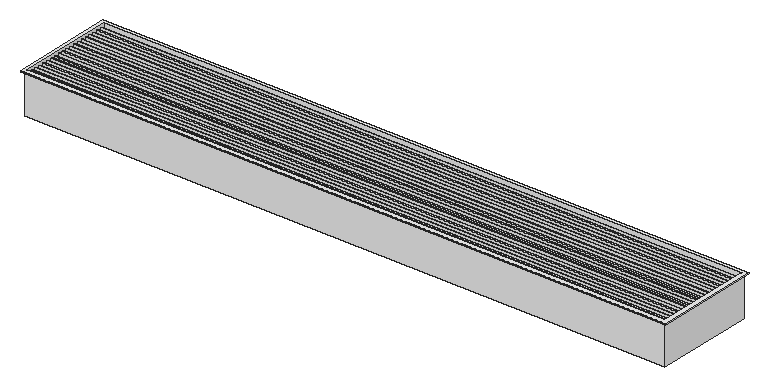
Revit family "DC_Holyoake_MEQ_LD-600SD-PMF_13", category Air Terminals, host Face, Revit 2014
Parameters (values of type "LD-600SD-PMF")
  Width LD [instance] = 150.0 mm
  URL = "http://www.holyoake.com"
  Type Comments = "Fineline Diffuser Series LD linear bar grilles"  # constant formula
  Static Pressure Min = 3.00 Pa
  Static Pressure Max = 69.00 Pa
  Noise Level NC Min = "< 10 NC"
  Noise Level NC Max = "48 NC"
  Model = "LD-600SD-PMF"  # constant formula
  Min Flow = 29 L/s
  Max Flow = 2600 L/s
  Material Face = Holyoake-Aluminium
  Material Body = Holyoake-Aluminium
  Manufacturer = "Holyoake"  # constant formula
  Length LD [instance] = 1000.0 mm
  Holyoake Product Range = "Holyoake Fineline Diffusers"  # constant formula
  Flow = 0 L/s
  Description = "Flangeless Linear Bar Diffuser with Vertical Rear Deflector Blades shall be Holyoake Model LD600SD-PMF with Horizontal Front Linear Bars of 3.25mm at 12.5mm centres set at 0 Degree deflection. \r\nRear vertical deflection blades shall be individually adjustable airfoil type. Flangeless Linear Bar Diffusers shall be of extruded aluminium construction to the sizes as documented and supplied with the Integral Plaster Mounting Frame (PMF) System. Linear Supply Air Diffusers shall be finished in powdercoat and fitted with accessories and dampers where indicated as manufactured by Holyoake"  # constant formula
  Default Elevation = 0.0 mm
  Array Number [instance] = ((Width LD - 25.4 mm) / 6.4 mm) - 0.9  # 19
Reference planes
  plane 1 "Center (Front/Back)": y = 0
  plane 2: z = 0
  plane 3 "Center (Left/Right)": x = 0
  plane 4: x = -500
  plane 5: x = 500
  plane 6: y = 75
  plane 7: y = -75
Forms (mm)
  Sweep 1, solid, material "Holyoake-Aluminium" <- "Material Body", detail levels fine
    path origin (0, 0, 0) x (1, 0, 0) y (0, 1, 0)
      loop
        line (-500, 75) -> (-500, -75) -> (500, -75) -> (500, 75) -> (-500, 75)
    profile origin (0, 75, 0) x (0, 1, 0) y (0, 0, 1)
      loop
        line (2, 0) -> (6, 0) -> (6, 2) -> (0, 2) -> (0, -62) -> (2, -62) -> (2, 0)
  Extrusion 2, void
    sketch origin (0, 0, 0) x (1, 0, 0) y (0, 1, 0)
      loop
        line (-500, 75) -> (-500, -75) -> (500, -75) -> (500, 75) -> (-500, 75)
    from 0 to -1000
Cuts and joins
  Extrusion 2 cuts Sweep 1
Lines and regions (mm)
  reference lines
    curve 1: line (-590.798, 68.65, 0) -> (-485.798, 68.65, 0)
    curve 2: line (-590.798, -68.65, 0) -> (-490.798, -68.65, 0)
  symbolic lines, style "Holyoake - Linear Diffusers", detail levels coarse+medium
    curve 3: line (-506, 81, 0) -> (506, 81, 0)
    curve 4: line (-506, -81, 0) -> (-506, 81, 0)
    curve 5: line (506, -81, 0) -> (-506, -81, 0)
    curve 6: line (506, 81, 0) -> (506, -81, 0)
    curve 7: line (-502, -77, 0) -> (502, -77, 0)
    curve 8: line (-502, 77, 0) -> (-502, -77, 0)
    curve 9: line (502, 77, 0) -> (-502, 77, 0)
    curve 10: line (502, -77, 0) -> (502, 77, 0)
    curve 11: line (-502, 0, -62) -> (502, 0, -62)
    curve 12: line (-502, 0, 2) -> (-502, 0, -62)
    curve 13: line (502, 0, 2) -> (-502, 0, 2)
    curve 14: line (502, 0, -62) -> (502, 0, 2)
    curve 15: line (0, 77, -62) -> (0, -77, -62)
    curve 16: line (0, 77, 2) -> (0, 77, -62)
    curve 17: line (0, -77, 2) -> (0, 77, 2)
    curve 18: line (0, -77, -62) -> (0, -77, 2)
Dimensions and locks
  equal spacing: plane 6, plane 1 "Center (Front/Back)", plane 7
  "Width LD": plane 6 to plane 7
  "Length LD": plane 4 to plane 5
  equal spacing: plane 4, plane 3 "Center (Left/Right)", plane 5
  locked: plane 6 to curve 1 at 6.35
  locked: curve 2 to plane 7 at 6.35
  equal spacing: group 1, group 3, group 4, group 5, group 6, group 7, group 8, group 9, group 10, group 11, group 12, group 13, group 14, group 15, group 16, group 17, group 18, group 19, group 2  (x2)
  equal spacing: group 2, group 19, group 18, group 17, group 16, group 15, group 14, group 13, group 12, group 11, group 10, group 9, group 8, group 7, group 6, group 5, group 4, group 3, group 1
  aligned and locked: plane 2 to host face
  aligned and locked: level to host face
  aligned and locked: plane 4 to Sweep 1 sketch curve
  aligned and locked: Sweep 1 sketch curve to plane 6
  aligned and locked: plane 7 to Sweep 1 sketch curve
  aligned and locked: Sweep 1 sketch curve to plane 5
  aligned and locked: plane 4 to nested 1
  aligned and locked: plane 4 to Sweep 1
  aligned and locked: nested 1 to curve 1
  aligned and locked: Sweep 1 to level
  aligned and locked: curve 2 to nested 2
  aligned and locked: plane 4 to nested 2
  aligned and locked: Extrusion 2 sketch curve to Sweep 1  (x3)
  aligned and locked: Sweep 1 to Extrusion 2 sketch curve
  aligned and locked: cut or joined group of Sweep 1, Extrusion 2 to curve 3
  aligned and locked: curve 3 to cut or joined group of Sweep 1, Extrusion 2
  aligned and locked: curve 6 to cut or joined group of Sweep 1, Extrusion 2  (x2)
  aligned and locked: cut or joined group of Sweep 1, Extrusion 2 to curve 7
  aligned and locked: curve 7 to cut or joined group of Sweep 1, Extrusion 2
  aligned and locked: curve 10 to cut or joined group of Sweep 1, Extrusion 2  (x2)
  aligned and locked: cut or joined group of Sweep 1, Extrusion 2 to curve 11
  aligned and locked: curve 11 to cut or joined group of Sweep 1, Extrusion 2
  aligned and locked: curve 14 to cut or joined group of Sweep 1, Extrusion 2
  aligned and locked: cut or joined group of Sweep 1, Extrusion 2 to curve 13
  aligned and locked: cut or joined group of Sweep 1, Extrusion 2 to curve 15
  aligned and locked: curve 15 to cut or joined group of Sweep 1, Extrusion 2
  aligned and locked: curve 18 to cut or joined group of Sweep 1, Extrusion 2
  aligned and locked: curve 17 to cut or joined group of Sweep 1, Extrusion 2
Automatic sketch dimensions
  Sweep 1 sketch curve to level = 0.0 mm
  Sweep 1 sketch curve to profile plane = 0.0 mm
  Sweep 1 sketch curve to Sweep 1 sketch curve = 2.0 mm
  Sweep 1 sketch curve to Sweep 1 sketch curve = 4.0 mm
  Sweep 1 sketch curve to Sweep 1 sketch curve = 62.0 mm
  level to Sweep 1 sketch curve = 2.0 mm
  host sketch curve to host sketch curve = 1716.464 mm
  host sketch curve to host sketch curve = 635.784 mm
  curve 2 to plane 4 = 90.798 mm
  curve 1 to curve 2 = 0.0 mm
  plane 4 to curve 2 = 9.202 mm
  plane 4 to curve 1 = 14.202 mm
Nested families
  nested 1: "LD Blade" at (-500, 67.15, 0), Blade Length <- "Length LD", type "LD Blade", detail levels fine
    with Blade Length 1000.0 mm
  nested 2: "LD Blade" at (-500, -68.65, 0), Blade Length <- "Length LD", type "LD Blade", detail levels fine
    with Blade Length 1000.0 mm
  nested 3: "LD Blade" at (-500, 59.606, 0), Blade Length <- "Length LD", type "LD Blade", detail levels fine
    with Blade Length 1000.0 mm
  nested 4: "LD Blade" at (-500, 52.061, 0), Blade Length <- "Length LD", type "LD Blade", detail levels fine
    with Blade Length 1000.0 mm
  nested 5: "LD Blade" at (-500, 44.517, 0), Blade Length <- "Length LD", type "LD Blade", detail levels fine
    with Blade Length 1000.0 mm
  nested 6: "LD Blade" at (-500, 36.972, 0), Blade Length <- "Length LD", type "LD Blade", detail levels fine
    with Blade Length 1000.0 mm
  nested 7: "LD Blade" at (-500, 29.428, 0), Blade Length <- "Length LD", type "LD Blade", detail levels fine
    with Blade Length 1000.0 mm
  nested 8: "LD Blade" at (-500, 21.883, 0), Blade Length <- "Length LD", type "LD Blade", detail levels fine
    with Blade Length 1000.0 mm
  nested 9: "LD Blade" at (-500, 14.339, 0), Blade Length <- "Length LD", type "LD Blade", detail levels fine
    with Blade Length 1000.0 mm
  nested 10: "LD Blade" at (-500, 6.794, 0), Blade Length <- "Length LD", type "LD Blade", detail levels fine
    with Blade Length 1000.0 mm
  nested 11: "LD Blade" at (-500, -0.75, 0), Blade Length <- "Length LD", type "LD Blade", detail levels fine
    with Blade Length 1000.0 mm
  nested 12: "LD Blade" at (-500, -8.294, 0), Blade Length <- "Length LD", type "LD Blade", detail levels fine
    with Blade Length 1000.0 mm
  nested 13: "LD Blade" at (-500, -15.839, 0), Blade Length <- "Length LD", type "LD Blade", detail levels fine
    with Blade Length 1000.0 mm
  nested 14: "LD Blade" at (-500, -23.383, 0), Blade Length <- "Length LD", type "LD Blade", detail levels fine
    with Blade Length 1000.0 mm
  nested 15: "LD Blade" at (-500, -30.928, 0), Blade Length <- "Length LD", type "LD Blade", detail levels fine
    with Blade Length 1000.0 mm
  nested 16: "LD Blade" at (-500, -38.472, 0), Blade Length <- "Length LD", type "LD Blade", detail levels fine
    with Blade Length 1000.0 mm
  nested 17: "LD Blade" at (-500, -46.017, 0), Blade Length <- "Length LD", type "LD Blade", detail levels fine
    with Blade Length 1000.0 mm
  nested 18: "LD Blade" at (-500, -53.561, 0), Blade Length <- "Length LD", type "LD Blade", detail levels fine
    with Blade Length 1000.0 mm
  nested 19: "LD Blade" at (-500, -61.106, 0), Blade Length <- "Length LD", type "LD Blade", detail levels fine
    with Blade Length 1000.0 mm
Definition of nested family "LD Blade"
  Parameters (values of type "LD Blade")
    Blade Material = Holyoake-Aluminium
    Blade Length [instance] = 600.0 mm
    Assembly Code = ""
  Reference planes
    plane 1 "Center (Front/Back)": y = 0
    plane 2: z = 0
    plane 3 "Center (Left/Right)": x = 0
    plane 4: x = 600
  Forms (mm)
    Extrusion 1, solid, material "Holyoake-Aluminium" <- "Blade Material"
      sketch origin (0, -1.042, 0) x (1, 0, 0) y (0, 1, 0)
        loop
          line (0, 1.042) -> (600, 1.042) -> (600, 2.542) -> (0, 2.542) -> (0, 1.042)
      from 0 to -20
  Dimensions and locks
    Extrusion 1 sketch curve to Extrusion 1 sketch curve = 1.5 mm
    "Blade Length": plane 3 "Center (Left/Right)" to plane 4
    locked: plane 1 "Center (Front/Back)" to Extrusion 1 at 1.5
    aligned and locked: plane 1 "Center (Front/Back)" to Extrusion 1
    aligned and locked: Extrusion 1 to plane 3 "Center (Left/Right)"
    aligned and locked: plane 4 to Extrusion 1
  Automatic sketch dimensions
    Extrusion 1 sketch curve to plane 1 "Center (Front/Back)" = 1.5 mm
    Extrusion 1 sketch curve to plane 3 "Center (Left/Right)" = 0.0 mm
    plane 4 to Extrusion 1 sketch curve = 0.0 mm
